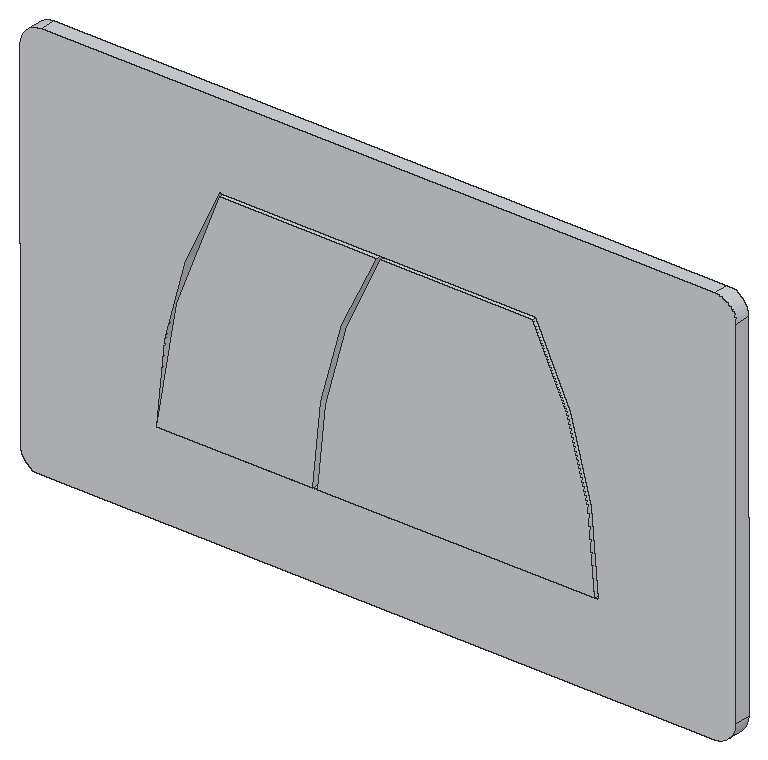
Revit family
Parameters (values of type "340 x 190mm")
  Material = none
  Manufacturer = "Revit"
  Assembly Code = "D2010"
Reference planes
  plane 1 "Center (Front/Back)": y = 0
  plane 2: z = 0
  plane 3 "Center (Left/Right)": x = 0
Forms (mm)
  Extrusion 1, solid, material <- "Material", detail levels medium+fine
    sketch origin (-125, -135, -900) x (1, 0, 0) y (0, 0, -1)
      loop
        arc (285, -1090) -> (292.071, -1087.071) -> (295, -1080) r 10
        line (295, -1080) -> (295, -910)
        arc (295, -910) -> (292.071, -902.929) -> (285, -900) r 10
        line (285, -900) -> (-35, -900)
        arc (-35, -900) -> (-42.071, -902.929) -> (-45, -910) r 10
        line (-45, -910) -> (-45, -1080)
        arc (-45, -1080) -> (-42.071, -1087.071) -> (-35, -1090) r 10
        line (-35, -1090) -> (285, -1090)
      loop
        arc (200, -1050) -> (222.228, -996.971) -> (230, -940) r 220.643
        line (230, -940) -> (20, -940)
        arc (20, -940) -> (27.772, -996.971) -> (50, -1050) r 220.643
        line (50, -1050) -> (200, -1050)
    from 127.675 to 135
  Extrusion 2, solid, material <- "Material", detail levels medium+fine
    sketch origin (-125, -135, -900) x (1, 0, 0) y (0, 0, -1)
      loop
        line (228.993, -941) -> (97.543, -941)
        arc (97.543, -941) -> (105.33, -996.916) -> (127.112, -1049) r 219.643
        line (127.112, -1049) -> (199.424, -1049)
        arc (199.424, -1049) -> (221.207, -996.916) -> (228.993, -941) r 219.643
      loop
        line (50.576, -1049) -> (125.213, -1049)
        arc (125.213, -1049) -> (102.966, -996.998) -> (95.007, -941) r 215.643
        line (95.007, -941) -> (21.007, -941)
        arc (21.007, -941) -> (30.444, -996.464) -> (50.576, -1049) r 285.457
    from 126.457 to 135
Dimensions and locks
  locked: Extrusion 1 to Extrusion 1 at 190
  Extrusion 2 to Extrusion 2 to Extrusion 1 = 108 mm locked, 41 mm locked
  locked: Extrusion 1 to Extrusion 1 at 340
  locked: Extrusion 1 to Extrusion 1 at 7.325
  locked: Extrusion 2 to Extrusion 2 at 8.543
  aligned and locked: Extrusion 2 to Extrusion 1
